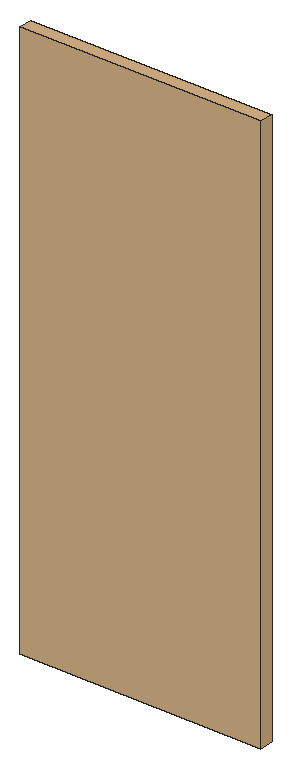
Revit family "0056_M_DR_W_single-flush_no trim", category 문, Revit 2026
Family settings
  호스트 = 벽
  항상 수직 = 예
  로드될 때 보이드를 사용하여 절단 = 아니오
  공유 = 아니오
  룸 계산 점 = 아니오
Parameters (values of type "36" x 84"")
  두께 = 0' - 2"
  조합 코드 = "C1020"
  기능 = 내부
  Door Material = Door - Panel
  Frame Material = Door - Frame
  Height = 7' - 0"
  벽 마무리 = 호스트별
  Width = 3' - 0"
Types (8): name | 두께 | 조합 코드 | Height | Width
  36" x 84" | 0' - 2" | "C1020" | 7' - 0" | 3' - 0"
  34" x 84" | 0' - 2" | "C1020" | 7' - 0" | 2' - 10"
  32" x 84" | 0' - 2" | "C1020" | 7' - 0" | 2' - 8"
  30" x 84" | 0' - 2" | "C1020" | 7' - 0" | 2' - 6"
  30" x 80" | 0' - 2" | "C1020" | 6' - 8" | 2' - 6"
  36" x 80" | 0' - 2" | "C1020" | 6' - 8" | 3' - 0"
  34" x 80" | 0' - 2" | "C1020" | 6' - 8" | 2' - 10"
  0915 x 2134mm | 0' - 1 31/32" | 0' - 0" | 7' - 0 1/64" | 3' - 0 3/128"
Reference planes (in)
  plane 1: y = 0
  plane 2: z = 0
  plane 3: x = 0
  plane 4: x = -18
  plane 5: x = 18
  plane 6: z = 84
Forms (in)
  Extrusion 1, solid, material "Door - Panel" <- "Door Material"
    sketch origin (0, 0, 0) x (1, 0, 0) y (0, 0, 1)
      loop
        line (-18, 84) -> (-18, 0) -> (18, 0) -> (18, 84) -> (-18, 84)
    from -3 to -1
Lines and regions (in)
  Opening 1
    outline origin (-60, -3, 144) x (0, 0, -1) y (1, 0, 0)
      loop
        line (60, 42) -> (144, 42) -> (144, 78) -> (60, 78) -> (60, 42)
  symbolic lines, style "DoorsPanelProjection"
    curve 1: line (18, 3, 0) -> (16, 3, 0)
    curve 2: line (18, 3, 0) -> (18, 39.0111, 0)
    curve 3: line (18, 39.0111, 0) -> (16, 39.0111, 0)
    curve 4: line (16, 3, 0) -> (16, 39.0111, 0)
  symbolic lines, style "Elevation Swing"
    curve 5: line (-18, -3, 84) -> (18, -3, 42)
    curve 6: line (-18, 3, 0) -> (18, 3, 42)
  symbolic lines, style "Plan Swing"
    curve 7: arc (16, 39.0111, 0) -> (-8.2005, 27.78574, 0) -> (-18.06659, 3, 0) r 36.06659
Dimensions and locks (in)
  equal spacing: plane 4, plane 3, plane 5
  "Width": plane 4 to plane 5
  locked: host wall to curve 1
  control icon elem to plane 5 = 0' - 10.29952"
  "Height": plane 6 to plane 2
  equal spacing: plane 6, curve 5, level
  "두께": curve 4 to plane 5
  "두께": Extrusion 1 to host wall
  aligned and locked: host wall to Extrusion 1
  aligned and locked: plane 6 to curve 5
Automatic sketch dimensions
  Opening 1 sketch curve to plane 6 = 0' - 0"
  Opening 1 sketch curve to level = 0' - 0"
  Opening 1 sketch curve to plane 4 = 0' - 0"
  Opening 1 sketch curve to plane 5 = 0' - 0"
  Extrusion 1 sketch curve to plane 4 = 0' - 0"
  Extrusion 1 sketch curve to plane 5 = 0' - 0"
  Extrusion 1 sketch curve to level = 0' - 0"
  Extrusion 1 sketch curve to plane 6 = 0' - 0"
  curve 6 to level = 0' - 0"
  curve 6 to plane 4 = 0' - 0"
  curve 5 to plane 4 = 0' - 0"
  curve 1 to plane 5 = 0' - 0"
  curve 7 to plane 5 = 0' - 0"
  plane 4 to curve 7 = 0' - 0.06659"
  curve 7 to host wall = 0' - 0"
  curve 6 to plane 5 = 0' - 0"
  curve 6 to curve 5 = 0' - 0"
  curve 5 to plane 5 = 0' - 0"
